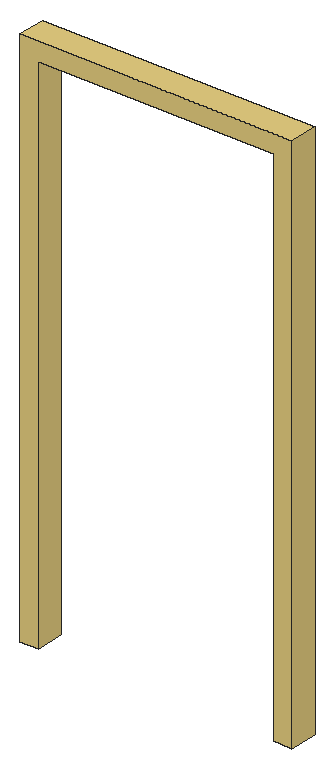
Revit family "DTI_A3-AC-Doors-F", category Doors, host Wall, Revit 2016
Family settings
  Host = Wall
  Always vertical = Yes
  Cut with Voids When Loaded = No
  Shared = No
  Room Calculation Point = No
Parameters (values of type "Door Frame")
  Height = 2000 mm
  Wall Closure = By host
  Width = 1000 mm
  Function = Interior
  Frame Thickness = 102 mm
  Frame Material = Meranti Wood
  Frame Depth = 68 mm
Reference planes
  plane 1 "Wall Center": y = 0
  plane 2 "Center (Left/Right)": x = 0
  plane 3 "Left": x = -500
  plane 4 "Right": x = 500
  plane 5: z = 2000
  plane 6 "Exterior": y = 75
  plane 7 "Interior": y = -75
Forms (mm)
  Sweep 1, solid, material "Meranti Wood" <- "Frame Material", detail levels medium+fine
    path origin (0, 0, 0) x (1, 0, 0) y (0, 0, 1)
      loop
        line (500, 0) -> (500, 2000) -> (-500, 2000) -> (-500, 0)
    profile origin (0, 0, 2000) x (0, 0, -1) y (0, -1, 0)
      loop
        line (0, -51) -> (68, -51) -> (68, 51) -> (0, 51) -> (0, -51)
Lines and regions (mm)
  Opening 1
    outline origin (-3050, -75, 0) x (1, 0, 0) y (0, 0, 1)
      loop
        line (2550, 0) -> (3550, 0) -> (3550, 2000) -> (2550, 2000) -> (2550, 0)
Text (mm)
  text "Exterior" at (-2295.016, 1099.543, 0), in view "Ref. Level"
  text "Exterior" at (0, 1615.38, 3698.081), in view "Left"
  text "Exterior" at (0, 1036.032, 3874.932), in view "Right"
Dimensions and locks
  equal spacing: plane 3 "Left", plane 2 "Center (Left/Right)", plane 4 "Right"
  "Width": plane 3 "Left" to plane 4 "Right"
  "Height": plane 5 to host wall
  host wall to plane 5 = 2000 mm  (x2)
  locked: plane 6 "Exterior" to host wall at 0
  locked: plane 7 "Interior" to host wall
  "Frame Depth": Sweep 1 sketch curve to Sweep 1 sketch curve
  equal spacing: Sweep 1 sketch curve, profile plane, Sweep 1 sketch curve
  "Frame Thickness": Sweep 1 sketch curve to Sweep 1 sketch curve
  aligned and locked: plane 3 "Left" to Opening 1 sketch curve
  aligned and locked: plane 5 to Opening 1 sketch curve  (x2)
  aligned and locked: Opening 1 sketch curve to plane 4 "Right"
  aligned and locked: Opening 1 sketch curve to level
  aligned and locked: plane 1 "Wall Center" to host wall
  aligned and locked: plane 5 to Sweep 1 sketch curve
  aligned and locked: Sweep 1 sketch curve to plane 4 "Right"
  aligned and locked: Sweep 1 sketch curve to plane 3 "Left"
  aligned and locked: level to Sweep 1 sketch curve  (x2)
  aligned and locked: Sweep 1 sketch curve to profile plane
